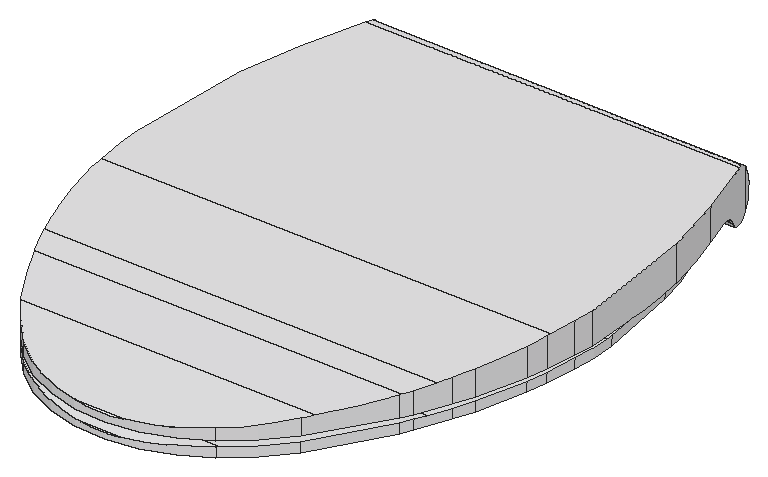
Revit family "Toilet_Seat-Elongated_Closed_Front-KALLISTA-Ultra-P78634", category Specialty Equipment, host Face, Revit 2022
Family settings
  Host = Face
  Round Connector Dimension = Use Diameter
  Part Type = Normal
  OmniClass Number = 23.31.19.19.17
  Cut with Voids When Loaded = No
  Maintain Annotation Orientation = No
  Shared = No
  Room Calculation Point = No
Parameters (values of type "0-White")
  Width = 14.3622"  # constant formula
  WaterSense Certified = 1 = 0  # no
  URL = "https://www.kallista.com/"
  Type = 1
  Product Page URL = "https://www.kallista.com/products/luxury-bathroom/toilets/seats/foundations-ultra-thin-toilet-seat-p78634-00"
  Product Name = "Ultra"  # constant formula
  Product Documentation Link = "https://techcomm.kohler.com/techcomm/pdf/P78634-00_spec_US-CA_Kallista_en.pdf"
  Model = if(Type = 1, "P78634-00-0", "NA")  # "P78634-00-0"
  Material = "Plastic Construction"  # constant formula
  Master Format 2014 Name = "Toilet, Bath, and Laundry Accessories"  # constant formula
  Master Format 2014 = "10 28 00"  # constant formula
  Manufacturer Address = "KOHLER Co. 444 Highland Dr. Kohler, WI 53044"  # constant formula
  Manufacturer = "Kallista Co."  # constant formula
  Length = 19.40551"  # constant formula
  Height = 1.96906"  # constant formula
  Finish = Kallista-Plastic-0-White
  Environmental Product Declaration = ""
  Description = "Ultra-thin toilet seat"  # constant formula
  Default Elevation = 15"
  Declare Label = ""
  Date Modified = "08/21/2025"  # constant formula
  Date Created = "08/21/2025"  # constant formula
  Copyright = "Copyright Kallista Co."  # constant formula
  Contact Us = "https://www.kallista.com/corporate/contact-us/"
  Assembly Code = "C1030200"
  ADA Compliant = 1 = 0  # no
Reference planes (in)
  plane 1 "Center (Front/Back)": y = 0
  plane 2: z = 0
  plane 3 "Center (Left/Right)": x = 0
  plane 4: y = 0.98929
  plane 5: y = -18.41623
  plane 6: x = -7.1811
  plane 7: x = 7.1811
  plane 8: y = -8.71347
  plane 9: x = -3.91976
  plane 10: x = 5.31496
  plane 11: x = 3.91976
  plane 12: z = 1.96906
  plane 13: z = -0.46192
  plane 14: z = -0.30725
Forms (in)
  Extrusion 1, void
    sketch origin (0, 0, 0) x (1, 0, 0) y (0, 1, 0)
      loop
        arc (-4.45745, -5.68274) -> (-4.73514, -6.60671) -> (-4.84403, -7.56535) r 5.40188
        arc (-4.84403, -7.56535) -> (-4.77569, -9.06072) -> (-4.50124, -10.53228) r 10.80052
        arc (-4.50124, -10.53228) -> (-4.21532, -11.50562) -> (-3.86777, -12.45869) r 15.86287
        arc (-3.86777, -12.45869) -> (-3.23023, -13.7284) -> (-2.39012, -14.87417) r 8.49991
        arc (-2.39012, -14.87417) -> (0.33925, -15.95415) -> (2.79685, -14.34916) r 3.19259
        arc (2.79685, -14.34916) -> (3.49938, -13.03227) -> (4.13647, -11.68251) r 30.41926
        arc (4.13647, -11.68251) -> (4.84072, -8.7866) -> (4.49206, -5.82674) r 8.4204
        arc (4.49206, -5.82674) -> (4.09022, -4.95627) -> (3.46736, -4.22739) r 3.50194
        arc (3.46736, -4.22739) -> (2.1928, -3.42768) -> (0.72719, -3.08707) r 4.55301
        arc (0.72719, -3.08707) -> (-0.27547, -3.07655) -> (-1.27383, -3.16988) r 9.67254
        arc (-1.27383, -3.16988) -> (-2.27284, -3.45011) -> (-3.16791, -3.97489) r 4.05139
        arc (-3.16791, -3.97489) -> (-3.92665, -4.74276) -> (-4.45745, -5.68274) r 4.07986
    from 0 to -0.40845
  Extrusion 2, void
    sketch origin (0, 0, 0) x (1, 0, 0) y (0, 1, 0)
      loop
        circle (-2.75, 0) r 0.87795
      loop
        circle (2.76978, 0) r 0.87795
    from 0 to -0.0331
Dimensions and locks (in)
  "Width": plane 6 to plane 7
  "Length": plane 5 to plane 4
  "Height": plane 12 to level
  aligned and locked: plane 2 to host face
  aligned and locked: level to host face
  aligned and locked: plane 3 "Center (Left/Right)" to nested 1
  aligned and locked: plane 1 "Center (Front/Back)" to nested 1
Automatic sketch dimensions
  host sketch curve to host sketch curve = 96"  (x2)
  plane 1 "Center (Front/Back)" to Extrusion 2 sketch curve = 0"  (x2)
  Extrusion 2 sketch curve to plane 9 = 1.16976"
  Extrusion 2 sketch curve to plane 9 = 0.29181"
  Extrusion 2 sketch curve to Extrusion 2 sketch curve = 0"  (x2)
  Extrusion 2 sketch curve to plane 11 = 1.14998"
  Extrusion 2 sketch curve to Extrusion 2 sketch curve = 0.87795"
  plane 4 to Extrusion 1 sketch curve = 0.36631"
  plane 6 to Extrusion 1 sketch curve = 16.50161"
  Extrusion 1 sketch curve to plane 9 = 0.35555"
  Extrusion 1 sketch curve to plane 3 "Center (Left/Right)" = 0.68813"
  Extrusion 1 sketch curve to Extrusion 1 sketch curve = 0.01742"
  plane 3 "Center (Left/Right)" to Extrusion 1 sketch curve = 0.01774"
  Extrusion 1 sketch curve to Extrusion 1 sketch curve = 0.10676"
  plane 3 "Center (Left/Right)" to Extrusion 1 sketch curve = 0.4435"
  Extrusion 1 sketch curve to Extrusion 1 sketch curve = 0.11284"
  Extrusion 1 sketch curve to Extrusion 1 sketch curve = 0.58523"
  plane 11 to Extrusion 1 sketch curve = 0.10079"
  Extrusion 1 sketch curve to plane 10 = 0.6385"
  Extrusion 1 sketch curve to plane 8 = 2.16311"
  Extrusion 1 sketch curve to plane 7 = 3.67262"
  Extrusion 1 sketch curve to plane 8 = 1.86803"
  Extrusion 1 sketch curve to plane 8 = 1.53475"
  Extrusion 1 sketch curve to Extrusion 1 sketch curve = 0.02251"
  Extrusion 1 sketch curve to Extrusion 1 sketch curve = 0.78579"
  Extrusion 1 sketch curve to Extrusion 1 sketch curve = 0.06204"
  Extrusion 1 sketch curve to Extrusion 1 sketch curve = 0.97567"
  Extrusion 1 sketch curve to plane 8 = 0.43726"
  plane 8 to Extrusion 1 sketch curve = 0.57932"
  plane 8 to Extrusion 1 sketch curve = 4 7/256"
  Extrusion 1 sketch curve to Extrusion 1 sketch curve = 0.03698"
  plane 9 to Extrusion 1 sketch curve = 0.92427"
  Extrusion 1 sketch curve to Extrusion 1 sketch curve = 0"  (x11)
Nested families (in)
  nested 1: "P78634" at (0, 0, 0), type "P78634"
Definition of nested family "P78634"
  Parameters
    Material = none
    Default Elevation = 0"
  Reference planes (in)
    plane 1 "Center (Front/Back)": y = 0
    plane 2: z = 0
    plane 3 "Center (Left/Right)": x = 0
    plane 4: x = -7.1811
    plane 5: x = 7.1811
    plane 6: y = 0.98929
    plane 7: y = -18.41623
    plane 8: y = 0.08377
    plane 9: y = 0.20503
    plane 10: x = -5.31496
    plane 11: x = 5.31496
    plane 12: y = -8.71347
    plane 13: y = -2.84536
    plane 14: y = -14.58158
    plane 15: z = 1.96907
    plane 16: z = -0.02857
    plane 17: z = -0.30725
    plane 18: z = 0.52795
    plane 19: z = -0.46192
    plane 20 "ka": x = -3.91976
  Forms (in)
    Extrusion 1, solid, material <- "Material", detail levels medium+fine
      sketch origin (0, 0, 0) x (1, 0, 0) y (0, 1, 0)
        loop
          arc (-5.73613, -0.18302) -> (-6.10766, -1.28604) -> (-6.44357, -2.40043) r 36.23223
          arc (-6.44357, -2.40043) -> (-6.67897, -3.32965) -> (-6.86086, -4.2708) r 16.76106
          arc (-6.86086, -4.2708) -> (-7.09135, -6.11552) -> (-7.1811, -7.97243) r 24.46366
          arc (-7.1811, -7.97243) -> (-7.17251, -8.29245) -> (-7.14019, -8.61095) r 4.31109
          arc (-7.14019, -8.61095) -> (-7.08003, -9.09458) -> (-7.03392, -9.57976) r 16.79993
          arc (-7.03392, -9.57976) -> (-6.99632, -9.91558) -> (-6.93782, -10.2484) r 5.40709
          arc (-6.93782, -10.2484) -> (-6.75812, -11.01153) -> (-6.53897, -11.76428) r 15.06903
          arc (-6.53897, -11.76428) -> (-6.43204, -12.09034) -> (-6.32019, -12.41476) r 22.69004
          arc (-6.32019, -12.41476) -> (-6.08744, -13.01798) -> (-5.82049, -13.60687) r 11.2741
          arc (-5.82049, -13.60687) -> (-5.27825, -14.62706) -> (-4.66745, -15.60775) r 16.86879
          arc (-4.66745, -15.60775) -> (-4.06569, -16.3979) -> (-3.37426, -17.11092) r 8.34006
          arc (-3.37426, -17.11092) -> (-0.28033, -18.41245) -> (2.93818, -17.45978) r 4.99034
          arc (2.93818, -17.45978) -> (3.73892, -16.77263) -> (4.42248, -15.96883) r 6.73339
          arc (4.42248, -15.96883) -> (5.13087, -14.89557) -> (5.74469, -13.76557) r 14.99461
          arc (5.74469, -13.76557) -> (5.82797, -13.59318) -> (5.90963, -13.42002) r 20.36628
          arc (5.90963, -13.42002) -> (6.12702, -12.92233) -> (6.32019, -12.41476) r 11.2741
          arc (6.32019, -12.41476) -> (6.43204, -12.09034) -> (6.53897, -11.76428) r 22.69004
          arc (6.53897, -11.76428) -> (6.75812, -11.01153) -> (6.93782, -10.2484) r 15.06903
          arc (6.93782, -10.2484) -> (6.99632, -9.91558) -> (7.03392, -9.57976) r 5.40709
          arc (7.03392, -9.57976) -> (7.08003, -9.09458) -> (7.14019, -8.61095) r 16.79993
          arc (7.14019, -8.61095) -> (7.17251, -8.29245) -> (7.1811, -7.97243) r 4.31109
          arc (7.1811, -7.97243) -> (7.09135, -6.11552) -> (6.86086, -4.2708) r 24.46366
          arc (6.86086, -4.2708) -> (6.67897, -3.32965) -> (6.44357, -2.40043) r 16.76106
          arc (6.44357, -2.40043) -> (6.10766, -1.28604) -> (5.73613, -0.18302) r 36.23223
          arc (5.73613, -0.18302) -> (5.67956, -0.02887) -> (5.61969, 0.12402) r 7.63454
          line (5.61969, 0.12402) -> (5.59459, 0.18615)
          arc (5.59459, 0.18615) -> (5.58469, 0.19906) -> (5.56956, 0.20503) r 0.03047
          line (5.56956, 0.20503) -> (0, 0.20503) -> (-5.56956, 0.20503)
          arc (-5.56956, 0.20503) -> (-5.58469, 0.19906) -> (-5.59459, 0.18615) r 0.03047
          line (-5.59459, 0.18615) -> (-5.61969, 0.12402)
          arc (-5.61969, 0.12402) -> (-5.67956, -0.02887) -> (-5.73613, -0.18302) r 7.63454
      from -0.59222 to 9.84252
    Extrusion 2, void
      sketch origin (0, 0, 0) x (0, 1, 0) y (0, 0, 1)
        loop
          arc (-5.72728, 0.67659) -> (-5.03468, 0.68738) -> (-4.34274, 0.71975) r 22.22783
          arc (-4.34274, 0.71975) -> (-3.05827, 0.8213) -> (-1.77787, 0.96534) r 38.89203
          arc (-1.77787, 0.96534) -> (-1.59311, 0.97241) -> (-1.41009, 0.94616) r 1.02469
          arc (-1.41009, 0.94616) -> (-1.18358, 0.83756) -> (-1.0227, 0.64463) r 0.59055
          arc (-1.0227, 0.64463) -> (-0.86567, 0.4687) -> (-0.64383, 0.3887) r 0.4804
          arc (-0.64383, 0.3887) -> (-0.30215, 0.44365) -> (-0.0319, 0.65982) r 0.6792
          arc (-0.0319, 0.65982) -> (0.01361, 0.73914) -> (0.03937, 0.82689) r 0.38951
          arc (0.03937, 0.82689) -> (0.06726, 1.02076) -> (0.08541, 1.21579) r 3.91457
          arc (0.08541, 1.21579) -> (0.07833, 1.32134) -> (0.0434, 1.42119) r 0.3937
          line (0.0434, 1.42119) -> (-0.09166, 1.68627)
          arc (-0.09166, 1.68627) -> (-0.202, 1.82421) -> (-0.35792, 1.90722) r 0.43714
          arc (-0.35792, 1.90722) -> (-0.35046, 1.93815) -> (-0.37401, 1.95955) r 0.03121
          arc (-0.37401, 1.95955) -> (-0.465, 1.97253) -> (-0.55688, 1.97434) r 0.75459
          line (-0.55688, 1.97434) -> (-9.4545, 1.60777)
          arc (-9.4545, 1.60777) -> (-11.12141, 1.52235) -> (-12.78628, 1.40352) r 83.24695
          arc (-12.78628, 1.40352) -> (-13.25779, 1.36868) -> (-13.72976, 1.34092) r 31.47807
          arc (-13.72976, 1.34092) -> (-14.70571, 1.28192) -> (-15.68042, 1.20506) r 53.43468
          arc (-15.68042, 1.20506) -> (-17.01937, 1.07615) -> (-18.35604, 0.92543) r 82.50986
          arc (-18.35604, 0.92543) -> (-18.41432, 0.89486) -> (-18.43766, 0.83333) r 0.09277
          line (-18.43766, 0.83333) -> (-18.43766, 0.67659) -> (-5.72728, 0.67659)
        loop
          line (1.56032, 10.334) -> (-19.0238, 10.334) -> (-19.0238, -0.59222) -> (1.56032, -0.59222) -> (1.56032, 10.334)
      from -10.35673 to 9.84252
    Extrusion 3, void
      sketch origin (0, 0, 0) x (0, 1, 0) y (0, 0, 1)
        loop
          arc (-0.72284, 1.63888) -> (-1.02098, 1.5905) -> (-1.28852, 1.45032) r 0.94281
          arc (-1.28852, 1.45032) -> (-2.11622, 0.98393) -> (-3.03617, 0.74666) r 3.65419
          line (-3.03617, 0.74666) -> (-3.03617, 0.35296) -> (0.98365, 0.35296) -> (0.98365, 1.63888) -> (-0.72284, 1.63888)
      from -5.12769 to 5.13405
    Sweep 4, solid, material <- "Material", detail levels medium+fine
      path origin (0, 0, 0) x (1, 0, 0) y (0, 1, 0)
        loop
          arc (4.07426, -5.95377) -> (3.72253, -5.19184) -> (3.17734, -4.55385) r 3.06525
          arc (3.17734, -4.55385) -> (2.02503, -3.83085) -> (0.69998, -3.5229) r 4.11633
          arc (0.69998, -3.5229) -> (-0.25741, -3.51285) -> (-1.2107, -3.60197) r 9.23586
          arc (-1.2107, -3.60197) -> (-2.10203, -3.852) -> (-2.90063, -4.32022) r 3.61471
          arc (-2.90063, -4.32022) -> (-3.57816, -5.0059) -> (-4.05215, -5.84527) r 3.64318
          arc (-4.05215, -5.84527) -> (-4.30738, -6.69455) -> (-4.40747, -7.57569) r 4.9652
          arc (-4.40747, -7.57569) -> (-4.34189, -9.0106) -> (-4.07854, -10.42266) r 10.36384
          arc (-4.07854, -10.42266) -> (-3.80049, -11.36921) -> (-3.46251, -12.29605) r 15.42619
          arc (-3.46251, -12.29605) -> (-2.85773, -13.50052) -> (-2.06077, -14.58743) r 8.06323
          arc (-2.06077, -14.58743) -> (0.29527, -15.51969) -> (2.41672, -14.13423) r 2.75591
          arc (2.41672, -14.13423) -> (3.10917, -12.83624) -> (3.73711, -11.50586) r 29.98258
          arc (3.73711, -11.50586) -> (4.40484, -8.76013) -> (4.07426, -5.95377) r 7.98372
      profile origin (4.07426, -5.95377, 0) x (-0.956755, -0.290896, 0) y (0, 0, 1)
        loop
          line (-1.02723, 0.52338) -> (-1.02723, 0.47828) -> (-0.36372, 0.47828)
          arc (-0.36372, 0.47828) -> (-0.12316, 0.35104) -> (0.04408, 0.13635) r 0.64903
          arc (0.04408, 0.13635) -> (0.0927, 0.01781) -> (0.12644, -0.10578) r 1.04474
          arc (0.12644, -0.10578) -> (0.15632, -0.25701) -> (0.18314, -0.40881) r 7.6218
          line (0.18314, -0.40881) -> (0.21596, -0.40845) -> (0.21596, 0.52338) -> (-1.02723, 0.52338)
    Revolve 5, solid, material <- "Material", detail levels medium+fine
      sketch origin (-0.00594, -0.41893, 0.00241) x (1, 0, 0) y (0, 0, 1)
        loop
          arc (-2.32883, 0.97444) -> (-2.34722, 1.16347) -> (-2.40572, 1.34415) r 0.88059
          arc (-2.40572, 1.34415) -> (-2.41668, 1.35693) -> (-2.43282, 1.36171) r 0.02969
          line (-2.43282, 1.36171) -> (-3.25766, 1.36171)
          arc (-3.25766, 1.36171) -> (-3.27456, 1.35471) -> (-3.28156, 1.3378) r 0.0239
          line (-3.28156, 1.3378) -> (-3.28156, 1.29004)
          arc (-3.28156, 1.29004) -> (-3.28638, 1.27214) -> (-3.29953, 1.25908) r 0.03565
          arc (-3.29953, 1.25908) -> (-3.34842, 1.24266) -> (-3.39989, 1.24605) r 0.13315
          arc (-3.39989, 1.24605) -> (-3.43391, 1.26874) -> (-3.44706, 1.30746) r 0.06355
          line (-3.44706, 1.30746) -> (-3.44706, 1.34032)
          arc (-3.44706, 1.34032) -> (-3.45344, 1.35571) -> (-3.46883, 1.36209) r 0.02177
          line (-3.46883, 1.36209) -> (-4.62546, 1.36209)
          arc (-4.62546, 1.36209) -> (-4.64095, 1.35568) -> (-4.64736, 1.3402) r 0.02189
          line (-4.64736, 1.3402) -> (-4.64736, 0.97444) -> (-2.32883, 0.97444)
        axis (-4.64736, 0.97444) -> (-2.32883, 0.97444)
      angle from 0 to 360
    Extrusion 6, solid, material <- "Material", detail levels medium+fine
      sketch origin (0, 0, 0) x (1, 0, 0) y (0, 1, 0)
        loop
          arc (-6.53897, -11.76428) -> (-6.43204, -12.09034) -> (-6.32019, -12.41476) r 22.69004
          arc (-6.32019, -12.41476) -> (-6.08744, -13.01798) -> (-5.82049, -13.60687) r 11.2741
          arc (-5.82049, -13.60687) -> (-5.27825, -14.62706) -> (-4.66745, -15.60775) r 16.86879
          arc (-4.66745, -15.60775) -> (-4.06569, -16.3979) -> (-3.37426, -17.11092) r 8.34006
          arc (-3.37426, -17.11092) -> (-0.28033, -18.41245) -> (2.93818, -17.45978) r 4.99034
          arc (2.93818, -17.45978) -> (3.73892, -16.77263) -> (4.42248, -15.96883) r 6.73339
          arc (4.42248, -15.96883) -> (5.13087, -14.89557) -> (5.74469, -13.76557) r 14.99461
          arc (5.74469, -13.76557) -> (5.82797, -13.59318) -> (5.90963, -13.42002) r 20.36628
          arc (5.90963, -13.42002) -> (6.12702, -12.92233) -> (6.32019, -12.41476) r 11.2741
          arc (6.32019, -12.41476) -> (6.43204, -12.09034) -> (6.53897, -11.76428) r 22.69004
          arc (6.53897, -11.76428) -> (6.75812, -11.01153) -> (6.93782, -10.2484) r 15.06903
          arc (6.93782, -10.2484) -> (6.99632, -9.91558) -> (7.03392, -9.57976) r 5.40709
          arc (7.03392, -9.57976) -> (7.08003, -9.09458) -> (7.14019, -8.61095) r 16.79993
          arc (7.14019, -8.61095) -> (7.19471, -7.89573) -> (7.16007, -7.17927) r 5.77092
          arc (7.16007, -7.17927) -> (6.98263, -5.86573) -> (6.74293, -4.56212) r 27.86481
          arc (6.74293, -4.56212) -> (6.14632, -2.73196) -> (5.16638, -1.0751) r 8.80798
          line (5.16638, -1.0751) -> (-5.16924, -1.0751)
          arc (-5.16924, -1.0751) -> (-6.50699, -4.12186) -> (-7.16794, -7.38307) r 15.59566
          arc (-7.16794, -7.38307) -> (-7.18961, -7.99781) -> (-7.14019, -8.61095) r 5.32089
          arc (-7.14019, -8.61095) -> (-7.08003, -9.09458) -> (-7.03392, -9.57976) r 16.79993
          arc (-7.03392, -9.57976) -> (-6.99632, -9.91558) -> (-6.93782, -10.2484) r 5.40709
          arc (-6.93782, -10.2484) -> (-6.75812, -11.01153) -> (-6.53897, -11.76428) r 15.06903
      from 0 to 3.71168
    Extrusion 7, void
      sketch origin (0, 0, 0) x (0, 1, 0) y (0, 0, 1)
        loop
          line (-18.43151, 0.18496) -> (-18.43151, 0.32376)
          arc (-18.43151, 0.32376) -> (-18.41502, 0.37078) -> (-18.37277, 0.3972) r 0.07528
          arc (-18.37277, 0.3972) -> (-17.89077, 0.47931) -> (-17.4028, 0.51013) r 4.62926
          line (-17.4028, 0.51013) -> (-13.06749, 0.55447) -> (-7.38307, 0.59959)
          arc (-7.38307, 0.59959) -> (-6.11091, 0.61714) -> (-4.83904, 0.6496) r 108.56876
          arc (-4.83904, 0.6496) -> (-3.67817, 0.7036) -> (-2.51946, 0.79267) r 38.44976
          arc (-2.51946, 0.79267) -> (-2.16962, 0.85062) -> (-1.83179, 0.95841) r 2.45309
          arc (-1.83179, 0.95841) -> (-1.48542, 1.13004) -> (-1.17032, 1.35395) r 2.45309
          line (-1.17032, 1.35395) -> (0.50103, 1.35395) -> (0.50103, 4.51331) -> (-19.77456, 4.51331) -> (-19.77456, -2.3862) -> (-1.0751, -2.16332) -> (-1.0751, 0.75018)
          arc (-1.0751, 0.75018) -> (-2.38341, 0.46624) -> (-3.71798, 0.36034) r 9.95869
          line (-3.71798, 0.36034) -> (-18.43151, 0.18496)
      from -7.87405 to 9.14306
    Extrusion 8, void
      sketch origin (0, 0, 0) x (1, 0, 0) y (0, 1, 0)
        loop
          arc (-1.8979, -14.44562) -> (0.27352, -15.30483) -> (2.22873, -14.02793) r 2.53995
          arc (2.22873, -14.02793) -> (2.91619, -12.7393) -> (3.53961, -11.4185) r 29.76662
          arc (3.53961, -11.4185) -> (4.18928, -8.74704) -> (3.86764, -6.01659) r 7.76777
          arc (3.86764, -6.01659) -> (3.54069, -5.30834) -> (3.03391, -4.7153) r 2.8493
          arc (3.03391, -4.7153) -> (1.94205, -4.03023) -> (0.68653, -3.73844) r 3.90038
          arc (0.68653, -3.73844) -> (-0.24848, -3.72862) -> (-1.17948, -3.81566) r 9.0199
          arc (-1.17948, -3.81566) -> (-2.01756, -4.05075) -> (-2.76844, -4.49099) r 3.39876
          arc (-2.76844, -4.49099) -> (-3.40581, -5.13603) -> (-3.8517, -5.92565) r 3.42722
          arc (-3.8517, -5.92565) -> (-4.09584, -6.73799) -> (-4.19158, -7.5808) r 4.74924
          arc (-4.19158, -7.5808) -> (-4.12736, -8.98581) -> (-3.8695, -10.36845) r 10.14789
          arc (-3.8695, -10.36845) -> (-3.59534, -11.30175) -> (-3.26209, -12.21561) r 15.21023
          arc (-3.26209, -12.21561) -> (-2.67351, -13.38782) -> (-1.8979, -14.44562) r 7.84728
      from -1.24538 to 0.4096
    Revolve 9, solid, material <- "Material", detail levels medium+fine
      sketch origin (-5.98108, 0, 0) x (0, 1, 0) y (0, 0, 1)
        loop
          line (-7.96029, 0.27819) -> (-7.96029, 0.05013) -> (-7.8342, 0.05013)
          arc (-7.8342, 0.05013) -> (-7.70875, 0.05713) -> (-7.58485, 0.07803) r 1.12807
          arc (-7.58485, 0.07803) -> (-7.47086, 0.13236) -> (-7.39125, 0.23037) r 0.28688
          line (-7.39125, 0.23037) -> (-7.78495, 0.23037) -> (-7.78495, 0.27819) -> (-7.96029, 0.27819)
        axis (-7.96029, 0.05013) -> (-7.96029, 0.27819)
      angle from 0 to 360
    Revolve 10, solid, material <- "Material", detail levels medium+fine
      sketch origin (-3.9632, -6.53201, -0.04039) x (0, 1, 0) y (0, 0, 1)
        loop
          line (-7.96029, 0.27819) -> (-7.96029, 0.05013) -> (-7.8342, 0.05013)
          arc (-7.8342, 0.05013) -> (-7.70875, 0.05713) -> (-7.58485, 0.07803) r 1.12807
          arc (-7.58485, 0.07803) -> (-7.47086, 0.13236) -> (-7.39125, 0.23037) r 0.28688
          line (-7.39125, 0.23037) -> (-7.78495, 0.23037) -> (-7.78495, 0.27819) -> (-7.96029, 0.27819)
        axis (-7.96029, 0.05013) -> (-7.96029, 0.27819)
      angle from 0 to 360
    Revolve 11, solid, material <- "Material", detail levels medium+fine
      sketch origin (3.98399, -6.51887, -0.00869) x (0, 1, 0) y (0, 0, 1)
        loop
          line (-7.96029, 0.27819) -> (-7.96029, 0.05013) -> (-7.8342, 0.05013)
          arc (-7.8342, 0.05013) -> (-7.70875, 0.05713) -> (-7.58485, 0.07803) r 1.12807
          arc (-7.58485, 0.07803) -> (-7.47086, 0.13236) -> (-7.39125, 0.23037) r 0.28688
          line (-7.39125, 0.23037) -> (-7.78495, 0.23037) -> (-7.78495, 0.27819) -> (-7.96029, 0.27819)
        axis (-7.96029, 0.05013) -> (-7.96029, 0.27819)
      angle from 0 to 360
    Revolve 12, solid, material <- "Material", detail levels medium+fine
      sketch origin (5.96311, -0.06328, 0) x (0, 1, 0) y (0, 0, 1)
        loop
          line (-7.96029, 0.27819) -> (-7.96029, 0.05013) -> (-7.8342, 0.05013)
          arc (-7.8342, 0.05013) -> (-7.70875, 0.05713) -> (-7.58485, 0.07803) r 1.12807
          arc (-7.58485, 0.07803) -> (-7.47086, 0.13236) -> (-7.39125, 0.23037) r 0.28688
          line (-7.39125, 0.23037) -> (-7.78495, 0.23037) -> (-7.78495, 0.27819) -> (-7.96029, 0.27819)
        axis (-7.96029, 0.05013) -> (-7.96029, 0.27819)
      angle from 0 to 360
    Revolve 13, solid, material <- "Material", detail levels medium+fine
      sketch origin (-3.91976, 0, -0.07382) x (0, 1, 0) y (0, 0, 1)
        loop
          line (-13.87166, 0.85113) -> (-13.87166, 0.65428) -> (-13.8296, 0.65428)
          arc (-13.8296, 0.65428) -> (-13.73542, 0.65634) -> (-13.64142, 0.66252) r 2.15351
          arc (-13.64142, 0.66252) -> (-13.5885, 0.67055) -> (-13.53702, 0.68519) r 0.42379
          arc (-13.53702, 0.68519) -> (-13.50067, 0.70825) -> (-13.47797, 0.74483) r 0.09644
          line (-13.47797, 0.74483) -> (-13.53702, 0.74483) -> (-13.53702, 0.85113) -> (-13.87166, 0.85113)
        axis (-13.87166, 0.65428) -> (-13.87166, 0.85113)
      angle from 0 to 360
    Revolve 14, solid, material <- "Material", detail levels medium+fine
      sketch origin (3.91976, 0, -0.07382) x (0, 1, 0) y (0, 0, -1)
        loop
          line (-13.87166, -0.85113) -> (-13.53702, -0.85113) -> (-13.53702, -0.74483) -> (-13.47797, -0.74483)
          arc (-13.47797, -0.74483) -> (-13.50067, -0.70825) -> (-13.53702, -0.68519) r 0.09644
          arc (-13.53702, -0.68519) -> (-13.5885, -0.67055) -> (-13.64142, -0.66252) r 0.42379
          arc (-13.64142, -0.66252) -> (-13.73542, -0.65634) -> (-13.8296, -0.65428) r 2.15351
          line (-13.8296, -0.65428) -> (-13.87166, -0.65428) -> (-13.87166, -0.85113)
        axis (-13.87166, -0.65428) -> (-13.87166, -0.85113)
      angle from 0 to 360
    Extrusion 15, solid, material <- "Material", detail levels medium+fine
      sketch origin (0, 0, 0) x (0, 1, 0) y (0, 0, 1)
        loop
          line (-0.58559, 1.13203) -> (-0.58559, 1.08)
          arc (-0.58559, 1.08) -> (-0.57726, 1.05987) -> (-0.55713, 1.05154) r 0.02845
          arc (-0.55713, 1.05154) -> (-0.4771, 0.9726) -> (-0.55504, 0.8916) r 0.07999
          arc (-0.55504, 0.8916) -> (-0.57666, 0.88216) -> (-0.58555, 0.86031) r 0.0313
          line (-0.58555, 0.86031) -> (-0.58555, 0.8257)
          arc (-0.58555, 0.8257) -> (-0.57832, 0.79689) -> (-0.55834, 0.77491) r 0.06101
          arc (-0.55834, 0.77491) -> (-0.41182, 0.73646) -> (-0.27256, 0.79608) r 0.23334
          line (-0.27256, 0.79608) -> (-0.27256, 0.86031)
          arc (-0.27256, 0.86031) -> (-0.28145, 0.88216) -> (-0.30307, 0.8916) r 0.0313
          arc (-0.30307, 0.8916) -> (-0.381, 0.96992) -> (-0.30635, 1.05137) r 0.07999
          arc (-0.30635, 1.05137) -> (-0.28194, 1.06773) -> (-0.27251, 1.09555) r 0.04577
          line (-0.27251, 1.09555) -> (-0.27251, 1.12958)
          arc (-0.27251, 1.12958) -> (-0.28031, 1.15367) -> (-0.29811, 1.17168) r 0.05482
          arc (-0.29811, 1.17168) -> (-0.41522, 1.20861) -> (-0.53555, 1.18413) r 0.24521
          arc (-0.53555, 1.18413) -> (-0.55245, 1.17505) -> (-0.56859, 1.16467) r 0.24521
          arc (-0.56859, 1.16467) -> (-0.58109, 1.15043) -> (-0.58559, 1.13203) r 0.03983
      from -5.16924 to -4.56396
    Revolve 16, solid, material <- "Material", detail levels medium+fine
      sketch origin (0.00594, -0.41893, 0.00241) x (-1, 0, 0) y (0, 0, -1)
        loop
          line (-2.32883, -0.97444) -> (-4.64736, -0.97444) -> (-4.64736, -1.3402)
          arc (-4.64736, -1.3402) -> (-4.64095, -1.35568) -> (-4.62546, -1.36209) r 0.02189
          line (-4.62546, -1.36209) -> (-3.46883, -1.36209)
          arc (-3.46883, -1.36209) -> (-3.45344, -1.35571) -> (-3.44706, -1.34032) r 0.02177
          line (-3.44706, -1.34032) -> (-3.44706, -1.30746)
          arc (-3.44706, -1.30746) -> (-3.43391, -1.26874) -> (-3.39989, -1.24605) r 0.06355
          arc (-3.39989, -1.24605) -> (-3.34842, -1.24266) -> (-3.29953, -1.25908) r 0.13315
          arc (-3.29953, -1.25908) -> (-3.28638, -1.27214) -> (-3.28156, -1.29004) r 0.03565
          line (-3.28156, -1.29004) -> (-3.28156, -1.3378)
          arc (-3.28156, -1.3378) -> (-3.27456, -1.35471) -> (-3.25766, -1.36171) r 0.0239
          line (-3.25766, -1.36171) -> (-2.43282, -1.36171)
          arc (-2.43282, -1.36171) -> (-2.41668, -1.35693) -> (-2.40572, -1.34415) r 0.02969
          arc (-2.40572, -1.34415) -> (-2.34722, -1.16347) -> (-2.32883, -0.97444) r 0.88059
        axis (-4.64736, -0.97444) -> (-2.32883, -0.97444)
      angle from 0 to 360
    Extrusion 17, solid, material <- "Material", detail levels medium+fine
      sketch origin (0, 0, 0) x (0, 1, 0) y (0, 0, -1)
        loop
          arc (-0.58559, -1.13203) -> (-0.58109, -1.15043) -> (-0.56859, -1.16467) r 0.03983
          arc (-0.56859, -1.16467) -> (-0.55245, -1.17505) -> (-0.53555, -1.18413) r 0.24521
          arc (-0.53555, -1.18413) -> (-0.41522, -1.20861) -> (-0.29811, -1.17168) r 0.24521
          arc (-0.29811, -1.17168) -> (-0.28031, -1.15367) -> (-0.27251, -1.12958) r 0.05482
          line (-0.27251, -1.12958) -> (-0.27251, -1.09555)
          arc (-0.27251, -1.09555) -> (-0.28194, -1.06773) -> (-0.30635, -1.05137) r 0.04577
          arc (-0.30635, -1.05137) -> (-0.381, -0.96992) -> (-0.30307, -0.8916) r 0.07999
          arc (-0.30307, -0.8916) -> (-0.28145, -0.88216) -> (-0.27256, -0.86031) r 0.0313
          line (-0.27256, -0.86031) -> (-0.27256, -0.79608)
          arc (-0.27256, -0.79608) -> (-0.41182, -0.73646) -> (-0.55834, -0.77491) r 0.23334
          arc (-0.55834, -0.77491) -> (-0.57832, -0.79689) -> (-0.58555, -0.8257) r 0.06101
          line (-0.58555, -0.8257) -> (-0.58555, -0.86031)
          arc (-0.58555, -0.86031) -> (-0.57666, -0.88216) -> (-0.55504, -0.8916) r 0.0313
          arc (-0.55504, -0.8916) -> (-0.4771, -0.9726) -> (-0.55713, -1.05154) r 0.07999
          arc (-0.55713, -1.05154) -> (-0.57726, -1.05987) -> (-0.58559, -1.08) r 0.02845
          line (-0.58559, -1.08) -> (-0.58559, -1.13203)
      from -5.16924 to -4.56396
    Revolve 18, solid, material <- "Material", detail levels medium+fine
      sketch origin (0, 0, 0) x (1, 0, 0) y (0, 0, 1)
        loop
          line (-2.75, 0.27559) -> (-2.75, -0.0331) -> (-1.87205, -0.0331) -> (-1.87205, 0) -> (-1.84055, 0) -> (-1.84055, 0.19179)
          arc (-1.84055, 0.19179) -> (-1.8651, 0.25105) -> (-1.92435, 0.27559) r 0.0838
          line (-1.92435, 0.27559) -> (-2.75, 0.27559)
        axis (-2.75, -0.0331) -> (-2.75, 0.27559)
      angle from 0 to 360
    Revolve 19, solid, material <- "Material", detail levels medium+fine
      sketch origin (0.01978, 0, -0.0026) x (-1, 0, 0) y (0, 0, -1)
        loop
          line (-2.75, 0.0331) -> (-2.75, -0.27559) -> (-1.92435, -0.27559)
          arc (-1.92435, -0.27559) -> (-1.8651, -0.25105) -> (-1.84055, -0.19179) r 0.0838
          line (-1.84055, -0.19179) -> (-1.84055, 0) -> (-1.87205, 0) -> (-1.87205, 0.0331) -> (-2.75, 0.0331)
        axis (-2.75, 0.0331) -> (-2.75, -0.27559)
      angle from 0 to 360
    Extrusion 20, solid, material <- "Material", detail levels medium+fine
      sketch origin (0, -0.77429, 0) x (1, 0, 0) y (0, 1, 0)
        loop
          circle (2.75, 0.34252) r 0.20472
        loop
          circle (-2.75, 0.34252) r 0.20472
      from 0.25197 to 0.7603
    Extrusion 21, solid, material <- "Material", detail levels coarse
      sketch origin (0, -0.00318, 0) x (1, 0, 0) y (0, 1, 0)
        loop
          arc (-5.73613, -0.18302) -> (-6.10766, -1.28604) -> (-6.44357, -2.40043) r 36.23223
          arc (-6.44357, -2.40043) -> (-6.67897, -3.32965) -> (-6.86086, -4.2708) r 16.76106
          arc (-6.86086, -4.2708) -> (-7.09135, -6.11552) -> (-7.1811, -7.97243) r 24.46366
          arc (-7.1811, -7.97243) -> (-7.17251, -8.29245) -> (-7.14019, -8.61095) r 4.31109
          arc (-7.14019, -8.61095) -> (-7.08003, -9.09458) -> (-7.03392, -9.57976) r 16.79993
          arc (-7.03392, -9.57976) -> (-6.99632, -9.91558) -> (-6.93782, -10.2484) r 5.40709
          arc (-6.93782, -10.2484) -> (-6.75812, -11.01153) -> (-6.53897, -11.76428) r 15.06903
          arc (-6.53897, -11.76428) -> (-6.43204, -12.09034) -> (-6.32019, -12.41476) r 22.69004
          arc (-6.32019, -12.41476) -> (-6.08744, -13.01798) -> (-5.82049, -13.60687) r 11.2741
          arc (-5.82049, -13.60687) -> (-5.27825, -14.62706) -> (-4.66745, -15.60775) r 16.86879
          arc (-4.66745, -15.60775) -> (-4.06569, -16.3979) -> (-3.37426, -17.11092) r 8.34006
          arc (-3.37426, -17.11092) -> (-0.28033, -18.41245) -> (2.93818, -17.45978) r 4.99034
          arc (2.93818, -17.45978) -> (3.73892, -16.77263) -> (4.42248, -15.96883) r 6.73339
          arc (4.42248, -15.96883) -> (5.13087, -14.89557) -> (5.74469, -13.76557) r 14.99461
          arc (5.74469, -13.76557) -> (5.82797, -13.59318) -> (5.90963, -13.42002) r 20.36628
          arc (5.90963, -13.42002) -> (6.12702, -12.92233) -> (6.32019, -12.41476) r 11.2741
          arc (6.32019, -12.41476) -> (6.43204, -12.09034) -> (6.53897, -11.76428) r 22.69004
          arc (6.53897, -11.76428) -> (6.75812, -11.01153) -> (6.93782, -10.2484) r 15.06903
          arc (6.93782, -10.2484) -> (6.99632, -9.91558) -> (7.03392, -9.57976) r 5.40709
          arc (7.03392, -9.57976) -> (7.08003, -9.09458) -> (7.14019, -8.61095) r 16.79993
          arc (7.14019, -8.61095) -> (7.17251, -8.29245) -> (7.1811, -7.97243) r 4.31109
          arc (7.1811, -7.97243) -> (7.09135, -6.11552) -> (6.86086, -4.2708) r 24.46366
          arc (6.86086, -4.2708) -> (6.67897, -3.32965) -> (6.44357, -2.40043) r 16.76106
          arc (6.44357, -2.40043) -> (6.10766, -1.28604) -> (5.73613, -0.18302) r 36.23223
          arc (5.73613, -0.18302) -> (5.67956, -0.02887) -> (5.61969, 0.12402) r 7.63454
          line (5.61969, 0.12402) -> (5.59459, 0.18615)
          arc (5.59459, 0.18615) -> (5.58469, 0.19906) -> (5.56956, 0.20503) r 0.03047
          line (5.56956, 0.20503) -> (0, 0.20503) -> (-5.56956, 0.20503)
          arc (-5.56956, 0.20503) -> (-5.58469, 0.19906) -> (-5.59459, 0.18615) r 0.03047
          line (-5.59459, 0.18615) -> (-5.61969, 0.12402)
          arc (-5.61969, 0.12402) -> (-5.67956, -0.02887) -> (-5.73613, -0.18302) r 7.63454
      from 0 to 1.96872
    Extrusion 22, solid, material <- "Material", detail levels coarse
      sketch origin (0, 0, 0) x (1, 0, 0) y (0, 1, 0)
        loop
          arc (-3.8517, -5.92565) -> (-4.09584, -6.73799) -> (-4.19158, -7.5808) r 4.74924
          arc (-4.19158, -7.5808) -> (-4.12736, -8.98581) -> (-3.8695, -10.36845) r 10.14789
          arc (-3.8695, -10.36845) -> (-3.59534, -11.30175) -> (-3.26209, -12.21561) r 15.21023
          arc (-3.26209, -12.21561) -> (-2.67351, -13.38782) -> (-1.8979, -14.44562) r 7.84728
          arc (-1.8979, -14.44562) -> (0.27352, -15.30483) -> (2.22873, -14.02793) r 2.53995
          arc (2.22873, -14.02793) -> (2.91619, -12.7393) -> (3.53961, -11.4185) r 29.76662
          arc (3.53961, -11.4185) -> (4.18928, -8.74704) -> (3.86764, -6.01659) r 7.76777
          arc (3.86764, -6.01659) -> (3.54069, -5.30834) -> (3.03391, -4.7153) r 2.8493
          arc (3.03391, -4.7153) -> (1.94205, -4.03023) -> (0.68653, -3.73844) r 3.90038
          arc (0.68653, -3.73844) -> (-0.24848, -3.72862) -> (-1.17948, -3.81566) r 9.0199
          arc (-1.17948, -3.81566) -> (-2.01756, -4.05075) -> (-2.76844, -4.49099) r 3.39876
          arc (-2.76844, -4.49099) -> (-3.40581, -5.13603) -> (-3.8517, -5.92565) r 3.42722
      from 0 to -0.40845
    Extrusion 23, solid, material <- "Material", detail levels coarse
      sketch origin (0, 0, 0) x (1, 0, 0) y (0, 1, 0)
        loop
          arc (3.65654, 0.20186) -> (2.76978, 0.90945) -> (1.88301, 0.20186) r 0.90945
          line (1.88301, 0.20186) -> (3.65654, 0.20186)
        loop
          arc (-1.86324, 0.20186) -> (-2.75, 0.90945) -> (-3.63676, 0.20186) r 0.90945
          line (-3.63676, 0.20186) -> (-1.86324, 0.20186)
      from -0.0026 to 0.27563
  Cuts and joins
    Extrusion 2, Extrusion 3 cuts Extrusion 1
    Extrusion 7, Extrusion 8 cuts Extrusion 6
    Extrusion 8 cuts Sweep 4
  Lines and regions (in)
    Masking region 1
      outline origin (0, 0, 0) x (1, 0, 0) y (0, 1, 0)
        loop
          arc (-2.75, 0.99213) -> (-3.43483, 0.6811) -> (-3.65124, -0.03924) r 0.90945
          line (-3.65124, -0.03924) -> (-4.62722, -0.03924)
          arc (-4.62722, -0.03924) -> (-4.64157, -0.04519) -> (-4.64752, -0.05955) r 0.0203
          line (-4.64752, -0.05955) -> (-4.64752, -0.24562) -> (-4.90135, -0.24562)
          arc (-4.90135, -0.24562) -> (-4.97265, -0.22207) -> (-5.02339, -0.16672) r 0.14895
          arc (-5.02339, -0.16672) -> (-5.04976, -0.10948) -> (-5.0696, -0.04966) r 0.5665
          arc (-5.0696, -0.04966) -> (-5.08708, 0.04811) -> (-5.08722, 0.14743) r 0.5665
          arc (-5.08722, 0.14743) -> (-5.10096, 0.18785) -> (-5.14005, 0.20503) r 0.05303
          line (-5.14005, 0.20503) -> (-5.56956, 0.20503)
          arc (-5.56956, 0.20503) -> (-5.58469, 0.19906) -> (-5.59459, 0.18615) r 0.03047
          line (-5.59459, 0.18615) -> (-5.61969, 0.12402)
          arc (-5.61969, 0.12402) -> (-5.67956, -0.02887) -> (-5.73613, -0.18302) r 7.63454
          arc (-5.73613, -0.18302) -> (-6.10766, -1.28604) -> (-6.44357, -2.40043) r 36.23223
          arc (-6.44357, -2.40043) -> (-6.67897, -3.32965) -> (-6.86086, -4.2708) r 16.76106
          arc (-6.86086, -4.2708) -> (-7.09135, -6.11552) -> (-7.1811, -7.97243) r 24.46366
          arc (-7.1811, -7.97243) -> (-7.17251, -8.29245) -> (-7.14019, -8.61095) r 4.31109
          arc (-7.14019, -8.61095) -> (-7.08003, -9.09458) -> (-7.03392, -9.57976) r 16.79993
          arc (-7.03392, -9.57976) -> (-6.99632, -9.91558) -> (-6.93782, -10.2484) r 5.40709
          arc (-6.93782, -10.2484) -> (-6.75812, -11.01153) -> (-6.53897, -11.76428) r 15.06903
          arc (-6.53897, -11.76428) -> (-6.43204, -12.09034) -> (-6.32019, -12.41476) r 22.69004
          arc (-6.32019, -12.41476) -> (-6.08744, -13.01798) -> (-5.82049, -13.60687) r 11.2741
          arc (-5.82049, -13.60687) -> (-5.27825, -14.62706) -> (-4.66745, -15.60775) r 16.86879
          arc (-4.66745, -15.60775) -> (-4.00203, -16.47103) -> (-3.22971, -17.24016) r 8.34006
          arc (-3.22971, -17.24016) -> (-2.40475, -17.81593) -> (-1.4751, -18.20038) r 4.64072
          arc (-1.4751, -18.20038) -> (-0.74502, -18.35936) -> (0, -18.41623) r 5.40974
          arc (0, -18.41623) -> (1.03454, -18.31335) -> (2.02415, -17.99474) r 4.9048
          arc (2.02415, -17.99474) -> (2.74129, -17.60193) -> (3.38321, -17.09545) r 4.9048
          arc (3.38321, -17.09545) -> (3.92376, -16.55144) -> (4.42248, -15.96883) r 10.33165
          arc (4.42248, -15.96883) -> (4.65637, -15.65188) -> (4.86746, -15.3193) r 5.61341
          arc (4.86746, -15.3193) -> (5.31248, -14.54605) -> (5.74469, -13.76557) r 54.11043
          arc (5.74469, -13.76557) -> (5.82797, -13.59318) -> (5.90963, -13.42002) r 20.36628
          arc (5.90963, -13.42002) -> (6.12702, -12.92233) -> (6.32019, -12.41476) r 11.2741
          arc (6.32019, -12.41476) -> (6.43204, -12.09034) -> (6.53897, -11.76428) r 22.69004
          arc (6.53897, -11.76428) -> (6.75812, -11.01153) -> (6.93782, -10.2484) r 15.06903
          arc (6.93782, -10.2484) -> (6.99632, -9.91558) -> (7.03392, -9.57976) r 5.40709
          arc (7.03392, -9.57976) -> (7.08003, -9.09458) -> (7.14019, -8.61095) r 16.79993
          arc (7.14019, -8.61095) -> (7.17251, -8.29245) -> (7.1811, -7.97243) r 4.31109
          arc (7.1811, -7.97243) -> (7.09135, -6.11552) -> (6.86086, -4.2708) r 24.46366
          arc (6.86086, -4.2708) -> (6.67897, -3.32965) -> (6.44357, -2.40043) r 16.76106
          arc (6.44357, -2.40043) -> (6.10766, -1.28604) -> (5.73613, -0.18302) r 36.23223
          arc (5.73613, -0.18302) -> (5.67956, -0.02887) -> (5.61969, 0.12402) r 7.63454
          line (5.61969, 0.12402) -> (5.59459, 0.18615)
          arc (5.59459, 0.18615) -> (5.58469, 0.19906) -> (5.56956, 0.20503) r 0.03047
          line (5.56956, 0.20503) -> (5.14005, 0.20503)
          arc (5.14005, 0.20503) -> (5.10096, 0.18785) -> (5.08722, 0.14743) r 0.05303
          arc (5.08722, 0.14743) -> (5.08708, 0.04811) -> (5.0696, -0.04966) r 0.5665
          arc (5.0696, -0.04966) -> (5.04976, -0.10948) -> (5.02339, -0.16672) r 0.5665
          arc (5.02339, -0.16672) -> (4.97265, -0.22207) -> (4.90135, -0.24562) r 0.14895
          line (4.90135, -0.24562) -> (4.64752, -0.24562) -> (4.64752, -0.05955)
          arc (4.64752, -0.05955) -> (4.64157, -0.04519) -> (4.62722, -0.03924) r 0.0203
          line (4.62722, -0.03924) -> (3.65124, -0.03924)
          arc (3.65124, -0.03924) -> (3.43483, 0.6811) -> (2.75, 0.99213) r 0.90945
          arc (2.75, 0.99213) -> (1.9988, 0.59531) -> (1.90314, -0.24886) r 0.90945
          line (1.90314, -0.24886) -> (-1.90314, -0.24886)
          arc (-1.90314, -0.24886) -> (-1.9988, 0.59531) -> (-2.75, 0.99213) r 0.90945
    Masking region 2
      outline origin (0, 0, 0) x (0, 1, 0) y (0, 0, 1)
        loop
          line (-0.74657, 0.27559) -> (-0.62754, 0.27559) -> (-0.62754, 0.4123)
          arc (-0.62754, 0.4123) -> (-0.81872, 0.52294) -> (-0.95488, 0.69686) r 0.58182
          arc (-0.95488, 0.69686) -> (-1.01191, 0.78826) -> (-1.08352, 0.86875) r 0.63749
          line (-1.08352, 0.86875) -> (-1.08352, 0.72282) -> (-1.15075, 0.72282)
          arc (-1.15075, 0.72282) -> (-1.20502, 0.71936) -> (-1.25841, 0.70903) r 0.42706
          arc (-1.25841, 0.70903) -> (-1.6999, 0.60246) -> (-2.14494, 0.51186) r 12.60838
          line (-2.14494, 0.51186) -> (-2.67395, 0.44247) -> (-3.45853, 0.37589)
          arc (-3.45853, 0.37589) -> (-3.53073, 0.21436) -> (-3.57958, 0.04431) r 1.25934
          line (-3.57958, 0.04431) -> (-3.6529, -0.30064) -> (-3.49433, -0.30064) -> (-4.25311, -0.46192) -> (-15.55058, -0.46192) -> (-15.50566, -0.45289) -> (-15.39895, -0.45146) -> (-15.48359, -0.0306)
          arc (-15.48359, -0.0306) -> (-15.52128, 0.09504) -> (-15.58157, 0.21154) r 0.7061
          line (-15.58157, 0.21154) -> (-18.28557, 0.18579) -> (-18.28557, 0.31878)
          arc (-18.28557, 0.31878) -> (-18.26572, 0.3728) -> (-18.21563, 0.40113) r 0.08346
          arc (-18.21563, 0.40113) -> (-18.13263, 0.4139) -> (-18.04939, 0.425) r 4.18015
          arc (-18.04939, 0.425) -> (-17.85463, 0.44925) -> (-17.65994, 0.47404) r 70.93734
          arc (-17.65994, 0.47404) -> (-17.49501, 0.49076) -> (-17.32942, 0.49856) r 3.07061
          arc (-17.32942, 0.49856) -> (-14.97932, 0.53516) -> (-12.62899, 0.55074) r 262.83986
          arc (-12.62899, 0.55074) -> (-10.34074, 0.56253) -> (-8.0526, 0.58804) r 381.9634
          arc (-8.0526, 0.58804) -> (-6.68507, 0.61062) -> (-5.31766, 0.6397) r 288.20707
          arc (-5.31766, 0.6397) -> (-4.57883, 0.66108) -> (-3.84026, 0.69029) r 69.73802
          arc (-3.84026, 0.69029) -> (-3.63319, 0.70227) -> (-3.42649, 0.71963) r 7.98785
          arc (-3.42649, 0.71963) -> (-3.2633, 0.73295) -> (-3.09978, 0.74127) r 5.34413
          arc (-3.09978, 0.74127) -> (-2.7841, 0.76186) -> (-2.47019, 0.80114) r 5.33342
          arc (-2.47019, 0.80114) -> (-2.22736, 0.84578) -> (-1.98737, 0.90377) r 4.465
          line (-1.98737, 0.90377) -> (-3.14031, 0.78259)
          arc (-3.14031, 0.78259) -> (-3.33603, 0.76456) -> (-3.53214, 0.75159) r 7.62673
          arc (-3.53214, 0.75159) -> (-3.75689, 0.74053) -> (-3.98172, 0.73126) r 28.15765
          line (-3.98172, 0.73126) -> (-10.29186, 0.67614) -> (-18.41623, 0.67614) -> (-18.41623, 0.82502)
          arc (-18.41623, 0.82502) -> (-18.39231, 0.8869) -> (-18.33299, 0.9166) r 0.09199
          arc (-18.33299, 0.9166) -> (-17.81101, 0.97055) -> (-17.28992, 1.03249) r 34.23976
          arc (-17.28992, 1.03249) -> (-16.64991, 1.10623) -> (-16.00839, 1.16552) r 28.5683
          arc (-16.00839, 1.16552) -> (-8.26278, 1.6798) -> (-0.50546, 1.96805) r 266.23563
          arc (-0.50546, 1.96805) -> (-0.44294, 1.96901) -> (-0.38041, 1.96907) r 4.34347
          arc (-0.38041, 1.96907) -> (-0.33013, 1.96636) -> (-0.28034, 1.95888) r 0.52885
          arc (-0.28034, 1.95888) -> (-0.25801, 1.94508) -> (-0.25015, 1.92004) r 0.03759
          arc (-0.25015, 1.92004) -> (-0.12992, 1.87361) -> (-0.03764, 1.78364) r 0.32107
          arc (-0.03764, 1.78364) -> (0.09596, 1.56196) -> (0.20503, 1.32724) r 2.41222
          line (0.20503, 1.32724) -> (0.20503, 1.10198)
          arc (0.20503, 1.10198) -> (0.19324, 0.97712) -> (0.16806, 0.85426) r 1.16252
          arc (0.16806, 0.85426) -> (0.16024, 0.82692) -> (0.15122, 0.79996) r 0.63843
          arc (0.15122, 0.79996) -> (0.00189, 0.56456) -> (-0.23351, 0.41523) r 0.63843
          line (-0.23351, 0.41523) -> (-0.23351, 0.2755) -> (0.91132, 0.2755)
          arc (0.91132, 0.2755) -> (0.96834, 0.25188) -> (0.99196, 0.19486) r 0.08064
          line (0.99196, 0.19486) -> (0.99196, 0.00246) -> (0.95639, 0.00246) -> (0.95639, -0.02857) -> (-0.78885, -0.02857) -> (-0.78885, 0.00246) -> (-0.82441, 0.00246) -> (-0.82441, 0.19486)
          arc (-0.82441, 0.19486) -> (-0.80079, 0.25188) -> (-0.74377, 0.2755) r 0.08064
    Masking region 3
      outline origin (0, 0, 0) x (1, 0, 0) y (0, 0, 1)
        loop
          line (-7.1811, 0.67488) -> (-5.89687, 0.67488) -> (-5.95662, 0.65593)
          arc (-5.95662, 0.65593) -> (-6.01702, 0.63949) -> (-6.07858, 0.62812) r 0.7546
          arc (-6.07858, 0.62812) -> (-6.13421, 0.61877) -> (-6.18929, 0.6066) r 1.11166
          arc (-6.18929, 0.6066) -> (-6.28138, 0.58817) -> (-6.37475, 0.57812) r 1.04004
          arc (-6.37475, 0.57812) -> (-6.52775, 0.56363) -> (-6.67949, 0.53926) r 2.37242
          arc (-6.67949, 0.53926) -> (-6.81957, 0.5153) -> (-6.96056, 0.49757) r 3.20477
          arc (-6.96056, 0.49757) -> (-7.02552, 0.46458) -> (-7.05166, 0.39658) r 0.10152
          line (-7.05166, 0.39658) -> (-7.05166, 0.2803)
          arc (-7.05166, 0.2803) -> (-6.60229, 0.24384) -> (-6.1515, 0.23708) r 6.83339
          line (-6.1515, 0.23708) -> (-6.1515, 0.20518) -> (-6.54635, 0.22553)
          arc (-6.54635, 0.22553) -> (-6.47854, 0.13324) -> (-6.37483, 0.08467) r 0.23178
          arc (-6.37483, 0.08467) -> (-5.94974, 0.04453) -> (-5.52466, 0.08467) r 2.27097
          arc (-5.52466, 0.08467) -> (-5.42765, 0.13176) -> (-5.36752, 0.22127) r 0.20689
          line (-5.36752, 0.22127) -> (-4.36417, 0.20836) -> (-4.34521, 0.16529) -> (-4.56546, 0.16135)
          arc (-4.56546, 0.16135) -> (-4.54037, 0.11844) -> (-4.5085, 0.08029) r 0.29866
          arc (-4.5085, 0.08029) -> (-4.47901, 0.05646) -> (-4.44496, 0.03978) r 0.16962
          arc (-4.44496, 0.03978) -> (-4.35992, 0.01288) -> (-4.27313, -0.00762) r 1.19885
          line (-4.27313, -0.00762) -> (-4.19709, -0.32327)
          arc (-4.19709, -0.32327) -> (-4.27513, -0.32769) -> (-4.35274, -0.33697) r 1.25226
          line (-4.35274, -0.33697) -> (-4.29203, -0.35324)
          arc (-4.29203, -0.35324) -> (-0.02019, -0.46192) -> (4.25171, -0.35517) r 84.75959
          arc (4.25171, -0.35517) -> (4.30115, -0.34942) -> (4.34942, -0.33726) r 0.38023
          arc (4.34942, -0.33726) -> (4.27297, -0.32705) -> (4.19585, -0.32538) r 0.69472
          line (4.19585, -0.32538) -> (4.27699, 0.00004)
          arc (4.27699, 0.00004) -> (4.37095, 0.00442) -> (4.45825, 0.03947) r 0.28196
          arc (4.45825, 0.03947) -> (4.52205, 0.09295) -> (4.56745, 0.16272) r 0.28196
          line (4.56745, 0.16272) -> (4.33903, 0.16272) -> (4.36289, 0.21388) -> (5.36346, 0.21388)
          arc (5.36346, 0.21388) -> (5.44008, 0.12991) -> (5.54399, 0.08382) r 0.27677
          arc (5.54399, 0.08382) -> (5.94769, 0.04115) -> (6.35138, 0.08382) r 1.93071
          arc (6.35138, 0.08382) -> (6.46386, 0.13399) -> (6.54632, 0.22548) r 0.29697
          spline (6.54632, 0.22548) -> (6.54369, 0.22505) -> (6.53684, 0.22461) -> (6.5258, 0.22419) -> (6.51067, 0.22377) -> (6.49155, 0.22337) -> (6.46858, 0.22298) -> (6.44192, 0.22261) -> (6.41176, 0.22226) -> (6.37833, 0.22193) -> (6.34186, 0.22163) -> (6.30261, 0.22136) -> (6.26087, 0.22112)
          line (6.26087, 0.22112) -> (6.20219, 0.22736)
          arc (6.20219, 0.22736) -> (6.62703, 0.24528) -> (7.05134, 0.27307) r 18.28478
          line (7.05134, 0.27307) -> (7.05134, 0.39787)
          arc (7.05134, 0.39787) -> (7.02622, 0.46404) -> (6.96351, 0.49686) r 0.09969
          arc (6.96351, 0.49686) -> (6.84851, 0.51253) -> (6.73408, 0.53191) r 3.5932
          arc (6.73408, 0.53191) -> (6.57862, 0.55658) -> (6.42207, 0.57294) r 2.95904
          arc (6.42207, 0.57294) -> (6.33847, 0.58117) -> (6.25528, 0.59284) r 2.03966
          arc (6.25528, 0.59284) -> (6.18804, 0.60484) -> (6.12124, 0.61909) r 2.03966
          line (6.12124, 0.61909) -> (5.88415, 0.67382) -> (7.1811, 0.67382) -> (7.1811, 1.23543)
          arc (7.1811, 1.23543) -> (7.1453, 1.37029) -> (7.04733, 1.46963) r 0.27188
          arc (7.04733, 1.46963) -> (6.73028, 1.62871) -> (6.39465, 1.74351) r 2.61954
          line (6.39465, 1.74351) -> (5.76693, 1.91171)
          arc (5.76693, 1.91171) -> (5.57863, 1.92019) -> (5.39017, 1.92429) r 8.12045
          arc (5.39017, 1.92429) -> (5.18251, 1.92859) -> (4.97499, 1.93724) r 9.8829
          arc (4.97499, 1.93724) -> (4.79183, 1.94352) -> (4.60856, 1.9432) r 5.09898
          arc (4.60856, 1.9432) -> (4.31604, 1.94244) -> (4.02365, 1.95165) r 8.57458
          arc (4.02365, 1.95165) -> (3.66495, 1.96471) -> (3.30604, 1.96907) r 14.78608
          line (3.30604, 1.96907) -> (-2.87112, 1.96907) -> (-5.75782, 1.91326)
          arc (-5.75782, 1.91326) -> (-6.29697, 1.76504) -> (-6.82535, 1.58213) r 8.60958
          arc (-6.82535, 1.58213) -> (-6.95995, 1.51961) -> (-7.08465, 1.43914) r 1.07452
          arc (-7.08465, 1.43914) -> (-7.15564, 1.35424) -> (-7.1811, 1.24655) r 0.2405
          line (-7.1811, 1.24655) -> (-7.1811, 0.67488)
    symbolic lines, detail levels medium+fine
      curve 1: line (-3.65145, -0.03771, 0) -> (-3.47501, -0.03771, 0)
      curve 2: arc (-3.47501, -0.03771, 0) -> (-3.45643, -0.04474, 0) -> (-3.44716, -0.06231, 0) r 0.02807
      curve 3: line (-3.44716, -0.06231, 0) -> (-3.44716, -0.11022, 0)
      curve 4: line (-3.28254, -0.06332, 0) -> (-3.28254, -0.11022, 0)
      curve 5: line (-3.25703, -0.0378, 0) -> (-3.09288, -0.0378, 0)
      curve 6: arc (-3.25703, -0.0378, 0) -> (-3.27507, -0.04528, 0) -> (-3.28254, -0.06332, 0) r 0.02552
      curve 7: arc (-3.44716, -0.11022, 0) -> (-3.44482, -0.12293, 0) -> (-3.43808, -0.13397, 0) r 0.03562
      curve 8: arc (-3.28254, -0.11022, 0) -> (-3.28485, -0.12246, 0) -> (-3.29145, -0.13302, 0) r 0.03365
      curve 9: arc (-3.29145, -0.13302, 0) -> (-3.36456, -0.16534, 0) -> (-3.43808, -0.13397, 0) r 0.10033
      curve 10: line (-3.46435, -0.24886, 0) -> (-3.46435, -0.03981, 0)
      curve 11: line (-3.26318, -0.03855, 0) -> (-3.26318, -0.24886, 0)
      curve 12: line (-3.09288, -0.0378, 0) -> (-2.42862, -0.0378, 0)
      curve 13: line (-2.42862, -0.0378, 0) -> (-2.42862, -0.24886, 0)
      curve 14: arc (-2.41061, -0.04748, 0) -> (-2.37052, -0.14584, 0) -> (-2.34471, -0.24886, 0) r 0.75075
      curve 15: arc (-2.42862, -0.0378, 0) -> (-2.41806, -0.03976, 0) -> (-2.41061, -0.04748, 0) r 0.0176
      curve 16: line (-2.42862, -0.24886, 0) -> (-1.91362, -0.24886, 0)
      curve 17: line (-2.42862, -0.24886, 0) -> (-4.64727, -0.24886, 0)
      curve 18: line (3.65145, -0.03771, 0) -> (3.47501, -0.03771, 0)
      curve 19: arc (3.47501, -0.03771, 0) -> (3.45643, -0.04474, 0) -> (3.44716, -0.06231, 0) r 0.02807
      curve 20: line (3.44716, -0.06231, 0) -> (3.44716, -0.11022, 0)
      curve 21: line (3.28254, -0.06332, 0) -> (3.28254, -0.11022, 0)
      curve 22: line (3.25703, -0.0378, 0) -> (3.09288, -0.0378, 0)
      curve 23: arc (3.25703, -0.0378, 0) -> (3.27507, -0.04528, 0) -> (3.28254, -0.06332, 0) r 0.02552
      curve 24: arc (3.29145, -0.13302, 0) -> (3.36456, -0.16534, 0) -> (3.43808, -0.13397, 0) r 0.10033
      curve 25: line (3.46435, -0.24886, 0) -> (3.46435, -0.03981, 0)
      curve 26: line (3.26318, -0.03855, 0) -> (3.26318, -0.24886, 0)
      curve 27: line (3.09288, -0.0378, 0) -> (2.42862, -0.0378, 0)
      curve 28: line (2.42862, -0.0378, 0) -> (2.42862, -0.24886, 0)
      curve 29: arc (2.41061, -0.04748, 0) -> (2.37052, -0.14584, 0) -> (2.34471, -0.24886, 0) r 0.75075
      curve 30: line (2.42862, -0.24886, 0) -> (1.91362, -0.24886, 0)
      curve 31: line (2.42862, -0.24886, 0) -> (4.64727, -0.24886, 0)
      curve 32: arc (3.28254, -0.11022, 0) -> (3.28485, -0.12246, 0) -> (3.29145, -0.13302, 0) r 0.03365
      curve 33: arc (3.43808, -0.13397, 0) -> (3.44499, -0.123, 0) -> (3.44716, -0.11022, 0) r 0.03322
      curve 34: line (-5.08788, 0.08377, 0) -> (-5.22785, 0.08377, 0)
      curve 35: arc (-5.19308, 0.16676, 0) -> (-5.20831, -0.11429, 0) -> (-4.98168, -0.28119, 0) r 0.2962
      curve 36: line (-4.98168, -0.28119, 0) -> (0.0529, -0.28119, 0)
      curve 37: arc (-5.66192, -0.20935, 0) -> (-6.03264, -1.30998, 0) -> (-6.36782, -2.42194, 0) r 36.15349
      curve 38: arc (-5.51706, 0.16676, 0) -> (-5.592, -0.02033, 0) -> (-5.66192, -0.20935, 0) r 7.5558
      curve 39: arc (-6.36782, -2.42194, 0) -> (-6.60211, -3.34679, 0) -> (-6.78315, -4.28352, 0) r 16.68232
      curve 40: arc (-6.78315, -4.28352, 0) -> (-7.01291, -6.12231, 0) -> (-7.10237, -7.97324, 0) r 24.38492
      curve 41: arc (-7.10237, -7.97324, 0) -> (-7.09393, -8.28741, 0) -> (-7.0622, -8.60009, 0) r 4.23234
      curve 42: arc (-7.0622, -8.60009, 0) -> (-7.00176, -9.086, 0) -> (-6.95543, -9.57345, 0) r 16.87867
      curve 43: arc (-6.95543, -9.57345, 0) -> (-6.91838, -9.90438, 0) -> (-6.86073, -10.23235, 0) r 5.32835
      curve 44: arc (-6.86073, -10.23235, 0) -> (-6.68197, -10.99149, 0) -> (-6.46396, -11.74031, 0) r 14.99029
      curve 45: arc (-6.46396, -11.74031, 0) -> (-6.35741, -12.06524, 0) -> (-6.24595, -12.38853, 0) r 22.6113
      curve 46: arc (-6.24595, -12.38853, 0) -> (-6.01482, -12.98754, 0) -> (-5.74974, -13.57232, 0) r 11.19536
      curve 47: arc (-5.74974, -13.57232, 0) -> (-5.21003, -14.58775, 0) -> (-4.60208, -15.56385, 0) r 16.79005
      curve 48: arc (-4.60208, -15.56385, 0) -> (-3.94294, -16.41899, 0) -> (-3.17792, -17.18086, 0) r 8.26132
      curve 49: arc (-3.17792, -17.18086, 0) -> (-2.36695, -17.74685, 0) -> (-1.45307, -18.12478, 0) r 4.56198
      curve 50: arc (-1.45307, -18.12478, 0) -> (-0.73362, -18.28145, 0) -> (0.00056, -18.33749, 0) r 5.331
      curve 51: arc (0.00056, -18.33749, 0) -> (1.01849, -18.23627, 0) -> (1.99222, -17.92277, 0) r 4.82606
      curve 52: arc (1.99222, -17.92277, 0) -> (2.69784, -17.53627, 0) -> (3.32945, -17.03791, 0) r 4.82606
      curve 53: arc (3.32945, -17.03791, 0) -> (3.86589, -16.49805, 0) -> (4.3608, -15.91988, 0) r 10.25291
      curve 54: arc (4.79955, -15.27946, 0) -> (5.2435, -14.50807, 0) -> (5.67469, -13.72948, 0) r 54.03169
      curve 55: arc (4.3608, -15.91988, 0) -> (4.59141, -15.60737, 0) -> (4.79955, -15.27946, 0) r 5.53467
      curve 56: arc (5.83825, -13.38677, 0) -> (5.75727, -13.55851, 0) -> (5.67469, -13.72948, 0) r 20.28754
      curve 57: arc (6.24595, -12.38853, 0) -> (6.05412, -12.89256, 0) -> (5.83825, -13.38677, 0) r 11.19536
      curve 58: arc (6.46396, -11.74031, 0) -> (6.35741, -12.06524, 0) -> (6.24595, -12.38853, 0) r 22.6113
      curve 59: arc (6.86073, -10.23235, 0) -> (6.68197, -10.99149, 0) -> (6.46396, -11.74031, 0) r 14.99029
      curve 60: arc (6.95543, -9.57345, 0) -> (6.91838, -9.90438, 0) -> (6.86073, -10.23235, 0) r 5.32835
      curve 61: arc (7.0622, -8.60009, 0) -> (7.00176, -9.086, 0) -> (6.95543, -9.57345, 0) r 16.87867
      curve 62: arc (7.10237, -7.97324, 0) -> (7.09393, -8.28741, 0) -> (7.0622, -8.60009, 0) r 4.23234
      curve 63: arc (6.78315, -4.28352, 0) -> (7.01291, -6.12231, 0) -> (7.10237, -7.97324, 0) r 24.38492
      curve 64: arc (6.36782, -2.42194, 0) -> (6.60211, -3.34679, 0) -> (6.78315, -4.28352, 0) r 16.68232
      curve 65: arc (5.66192, -0.20935, 0) -> (6.03264, -1.30998, 0) -> (6.36782, -2.42194, 0) r 36.15349
      curve 66: arc (5.54668, 0.09452, 0) -> (5.60593, -0.05679, 0) -> (5.66192, -0.20935, 0) r 7.5558
      curve 67: line (-5.51706, 0.16676, 0) -> (-5.19308, 0.16676, 0)
      curve 68: line (5.08788, 0.08377, 0) -> (5.22785, 0.08377, 0)
      curve 69: arc (5.19308, 0.16676, 0) -> (5.20831, -0.11429, 0) -> (4.98168, -0.28119, 0) r 0.2962
      curve 70: line (4.98168, -0.28119, 0) -> (0.0529, -0.28119, 0)
      curve 71: arc (5.51706, 0.16676, 0) -> (5.592, -0.02033, 0) -> (5.66192, -0.20935, 0) r 7.5558
      curve 72: line (5.51706, 0.16676, 0) -> (5.19308, 0.16676, 0)
      curve 73: spline (0, -13.91135, 0.1665) -> (0, -13.91731, 0.16645) -> (0, -13.93506, 0.1663) -> (0, -13.96426, 0.16604) -> (0, -14.00431, 0.16569) -> (0, -14.05439, 0.16525) -> (0, -14.11351, 0.16474) -> (0, -14.18047, 0.16415) -> (0, -14.25391, 0.16351) -> (0, -14.33236, 0.16283) -> (0, -14.41423, 0.16211) -> (0, -14.49786, 0.16138) -> (0, -14.58158, 0.16065)
